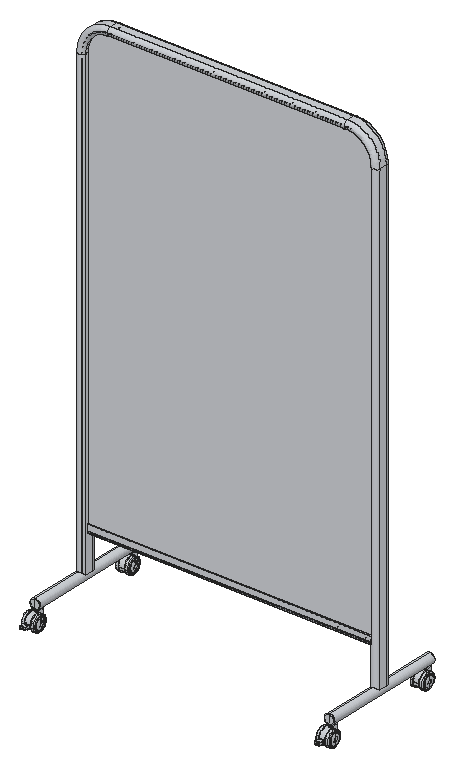
Revit family "Goal Fabric Pinboard", category Furniture, Revit 2016
Family settings
  OmniClass Number = 23.40.20.00
  OmniClass Title = General Furniture and Specialties
  Work Plane-Based = No
  Always vertical = Yes
  Cut with Voids When Loaded = No
  Shared = No
  Room Calculation Point = No
Parameters (values of type "Goal Fabric Pinboard")
  Width = 38 1/2"
  URL = "http://www.poppin.com"
  Manufacturer = "Poppin, Inc."
  Height = 67"
  Frame = none
  Description = "Goal Fabric Pinboard"
  Depth = 16"
  Copyright = "Copyright © Poppin, Inc."
  Casters = none
  Board = none
Reference planes (in)
  plane 1 "Center (Front/Back)": y = 0
  plane 2: z = 0
  plane 3 "Center (Left/Right)": x = 0
Forms (in)
  Extrusion 1, solid, material <- "Frame"
    sketch origin (0, 0, 0) x (1, 0, 0) y (0, 0, 1)
      loop
        line (-18.25, 62.66978) -> (-18.25, 8.91831) -> (18.25, 8.91831) -> (18.25, 62.77017)
        arc (18.25, 62.77017) -> (17.35814, 64.92331) -> (15.20501, 65.81517) r 3.04499
        line (15.20501, 65.81517) -> (-15.10461, 65.81517)
        arc (-15.10461, 65.81517) -> (-17.32874, 64.8939) -> (-18.25, 62.66978) r 3.14539
    from -0.31496 to 0.31496
  Sweep 2, solid, material <- "Frame"
    path origin (0, 0, 0) x (1, 0, 0) y (0, 0, 1)
      loop
        line (-19.17188, 3.12494) -> (-19.17188, 62.68267)
        arc (-19.17188, 62.68267) -> (-17.98566, 65.54645) -> (-15.12187, 66.73267) r 4.05
        line (-15.12187, 66.73267) -> (15.12187, 66.73267)
        arc (15.12187, 66.73267) -> (17.98566, 65.54645) -> (19.17188, 62.68267) r 4.05
        line (19.17188, 62.68267) -> (19.17188, 3.12494)
    profile origin (-19.17188, 0, 32.9038) x (-1, 0, 0) y (0, -1, 0)
      loop
        line (-0.92894, 0.5) -> (-0.92894, -0.5)
        arc (-0.92894, -0.5) -> (-0.425, -1.00394) -> (0.07894, -0.5) r 0.50394
        line (0.07894, -0.5) -> (0.07894, 0.5)
        arc (0.07894, 0.5) -> (-0.425, 1.00394) -> (-0.92894, 0.5) r 0.50394
  Sweep 3, solid, material <- "Frame"
    path origin (0, 0, 0) x (1, 0, 0) y (0, 0, 1)
      loop
        line (-18.92188, 3.12494) -> (-18.92188, 62.6805)
        arc (-18.92188, 62.6805) -> (-17.80825, 65.36904) -> (-15.11971, 66.48267) r 3.80217
        line (-15.11971, 66.48267) -> (15.12752, 66.48267)
        arc (15.12752, 66.48267) -> (17.81606, 65.36904) -> (18.92969, 62.6805) r 3.80217
        line (18.92969, 62.6805) -> (18.92969, 3.12494)
    profile origin (-18.92188, 0, 32.90272) x (-1, 0, 0) y (0, -1, 0)
      loop
        circle (-0.17717, -0.75) r 0.17717
      loop
        circle (-0.17717, 0.75) r 0.17717
  Extrusion 4, solid, material <- "Frame"
    sketch origin (0, 0, -3.25) x (0, 1, 0) y (0, 0, 1)
      loop
        line (-0.15781, 11.54522) -> (-0.33, 11.54522)
        arc (-0.33, 11.54522) -> (-0.34414, 11.53936) -> (-0.35, 11.52522) r 0.02
        line (-0.35, 11.52522) -> (-0.35, 11.36022)
        arc (-0.35, 11.36022) -> (0, 11.01022) -> (0.35, 11.36022) r 0.35
        line (0.35, 11.36022) -> (0.35, 11.52522)
        arc (0.35, 11.52522) -> (0.34414, 11.53936) -> (0.33, 11.54522) r 0.02
        line (0.33, 11.54522) -> (0.15781, 11.54522)
        arc (0.15781, 11.54522) -> (0.13953, 11.53286) -> (0.14421, 11.5113) r 0.01969
        arc (0.14421, 11.5113) -> (0.19202, 11.44238) -> (0.20886, 11.36022) r 0.20886
        arc (0.20886, 11.36022) -> (0.19186, 11.27769) -> (0.14364, 11.20859) r 0.20886
        arc (0.14364, 11.20859) -> (0.09341, 11.20995) -> (0.09476, 11.26018) r 0.03553
        arc (0.09476, 11.26018) -> (0.12658, 11.30577) -> (0.1378, 11.36022) r 0.1378
        arc (0.1378, 11.36022) -> (0, 11.49801) -> (-0.1378, 11.36022) r 0.1378
        arc (-0.1378, 11.36022) -> (-0.12658, 11.30577) -> (-0.09476, 11.26018) r 0.1378
        arc (-0.09476, 11.26018) -> (-0.09341, 11.20995) -> (-0.14364, 11.20859) r 0.03553
        arc (-0.14364, 11.20859) -> (-0.19186, 11.27769) -> (-0.20886, 11.36022) r 0.20886
        arc (-0.20886, 11.36022) -> (-0.19202, 11.44238) -> (-0.14421, 11.5113) r 0.20886
        arc (-0.14421, 11.5113) -> (-0.13953, 11.53286) -> (-0.15781, 11.54522) r 0.01969
    from 18.25 to -18.25
  Extrusion 5, solid, material <- "Frame"
    sketch origin (0, 0, -3.25) x (0, 1, 0) y (0, 0, 1)
      loop
        line (0.35, 12.16831) -> (0.35, 11.64022)
        arc (0.35, 11.64022) -> (0.34414, 11.62608) -> (0.33, 11.62022) r 0.02
        line (0.33, 11.62022) -> (-0.33, 11.62022)
        arc (-0.33, 11.62022) -> (-0.34414, 11.62608) -> (-0.35, 11.64022) r 0.02
        line (-0.35, 11.64022) -> (-0.35, 12.16831)
        arc (-0.35, 12.16831) -> (-0.40174, 12.15765) -> (-0.425, 12.11022) r 0.06
        line (-0.425, 12.11022) -> (-0.425, 11.36022)
        arc (-0.425, 11.36022) -> (0, 10.93522) -> (0.425, 11.36022) r 0.425
        line (0.425, 11.36022) -> (0.425, 12.11022)
        arc (0.425, 12.11022) -> (0.40174, 12.15765) -> (0.35, 12.16831) r 0.06
    from -18.25 to 18.25
  Extrusion 6, solid, material <- "Casters"
    sketch origin (0.84375, 0, 0) x (1, 0, 0) y (0, 0, 1)
      loop
        line (-19.3125, 2.62494) -> (-19.40256, 2.62494) -> (-19.40256, 3.19483) -> (-19.84744, 3.19483) -> (-19.84744, 2.62494) -> (-19.9375, 2.62494) -> (-19.9375, 2.33368)
        arc (-19.9375, 2.33368) -> (-19.625, 2.24994) -> (-19.3125, 2.33368) r 0.625
        line (-19.3125, 2.33368) -> (-19.3125, 2.62494)
    from 7.27756 to 7.72244
  Extrusion 7, solid, material <- "Casters"
    sketch origin (0.84375, 0, 0) x (0, 1, 0) y (0, 0, 1)
      loop
        line (-7.1875, 2.14494) -> (-7.1875, 2.19994)
        arc (-7.1875, 2.19994) -> (-7.20214, 2.2353) -> (-7.2375, 2.24994) r 0.05
        line (-7.2375, 2.24994) -> (-7.7625, 2.24994)
        arc (-7.7625, 2.24994) -> (-7.79786, 2.2353) -> (-7.8125, 2.19994) r 0.05
        line (-7.8125, 2.19994) -> (-7.8125, 2.14494)
        arc (-7.8125, 2.14494) -> (-7.79786, 2.10959) -> (-7.7625, 2.09494) r 0.05
        line (-7.7625, 2.09494) -> (-7.2375, 2.09494)
        arc (-7.2375, 2.09494) -> (-7.20214, 2.10959) -> (-7.1875, 2.14494) r 0.05
    from -19.93602 to -19.3125
  Revolve 8, solid, material <- "Frame"
    sketch origin (-18.78122, -0.41384, 1.99069) x (0, 1, 0) y (0, 0, -1)
      loop
        line (-7.58616, -0.88426) -> (-7.58616, -1.48091)
        arc (-7.58616, -1.48091) -> (-7.57787, -1.50093) -> (-7.55784, -1.50923) r 0.02832
        line (-7.55784, -1.50923) -> (8.38552, -1.50923)
        arc (8.38552, -1.50923) -> (8.4051, -1.50137) -> (8.41381, -1.48216) r 0.02832
        line (8.41381, -1.48216) -> (8.41381, -0.88426) -> (-7.58616, -0.88426)
      axis (-7.58616, -0.88426) -> (8.41381, -0.88426)
    angle from 0 to 360
  Revolve 9, solid, material <- "Casters"
    sketch origin (0.84375, -8.16988, 0) x (1, 0, 0) y (0, 0, 1)
      loop
        line (-20.42815, 1.77165) -> (-20.42815, 1.73112)
        arc (-20.42815, 1.73112) -> (-20.45691, 1.7192) -> (-20.46883, 1.69044) r 0.04068
        arc (-20.46883, 1.69044) -> (-20.50914, 1.46095) -> (-20.52264, 1.22834) r 2.01109
        line (-20.52264, 1.22834) -> (-20.52264, 0.98424) -> (-19.99508, 0.98424) -> (-19.99508, 1.77165) -> (-19.99508, 1.90436)
        arc (-19.99508, 1.90436) -> (-20.01212, 1.94763) -> (-20.05409, 1.96765) r 0.06344
        line (-20.05409, 1.96765) -> (-20.35345, 1.96765)
        arc (-20.35345, 1.96765) -> (-20.38912, 1.94926) -> (-20.40344, 1.91177) r 0.05623
        line (-20.40344, 1.91177) -> (-20.42815, 1.77165)
      loop
        line (-18.82185, 1.77165) -> (-18.84656, 1.91177)
        arc (-18.84656, 1.91177) -> (-18.86088, 1.94926) -> (-18.89655, 1.96765) r 0.05623
        line (-18.89655, 1.96765) -> (-19.19591, 1.96765)
        arc (-19.19591, 1.96765) -> (-19.23788, 1.94763) -> (-19.25492, 1.90436) r 0.06344
        line (-19.25492, 1.90436) -> (-19.25492, 1.77165) -> (-19.25492, 0.98424) -> (-18.72736, 0.98424) -> (-18.72736, 1.22834)
        arc (-18.72736, 1.22834) -> (-18.74086, 1.46095) -> (-18.78117, 1.69044) r 2.01109
        arc (-18.78117, 1.69044) -> (-18.79309, 1.7192) -> (-18.82185, 1.73112) r 0.04068
        line (-18.82185, 1.73112) -> (-18.82185, 1.77165)
      axis (-18.72736, 0.98424) -> (-20.52264, 0.98424)
    angle from 0 to 360
  Extrusion 10, solid, material <- "Casters"
    sketch origin (0.84375, 0, 0) x (0, 1, 0) y (0, 0, -1)
      loop
        line (-7.674, -2.09494) -> (-7.326, -2.09494) -> (-7.326, -0.93994) -> (-7.674, -0.93994) -> (-7.674, -2.09494)
    from 19.451 to 19.799
  Extrusion 11, solid, material <- "Casters"
    sketch origin (0.84375, 0, 0) x (0, 1, 0) y (0, 0, -1)
      loop
        arc (-7.68441, -0.82308) -> (-7.75635, -0.85069) -> (-7.78733, -0.92125) r 0.10007
        line (-7.78733, -0.92125) -> (-7.78733, -1.99677)
        arc (-7.78733, -1.99677) -> (-7.7584, -2.06532) -> (-7.69015, -2.09494) r 0.10007
        line (-7.69015, -2.09494) -> (-7.30985, -2.09494)
        arc (-7.30985, -2.09494) -> (-7.2416, -2.06532) -> (-7.21267, -1.99677) r 0.10007
        line (-7.21267, -1.99677) -> (-7.21267, -0.92125)
        arc (-7.21267, -0.92125) -> (-7.24365, -0.85069) -> (-7.31559, -0.82308) r 0.10007
        line (-7.31559, -0.82308) -> (-7.68441, -0.82308)
    from 19.29035 to 19.95965
  Extrusion 12, solid, material <- "Casters"
    sketch origin (-18.81625, -0.41384, 1.99069) x (0, 1, 0) y (0, 0, -1)
      loop
        line (-8.58459, 1.38012) -> (-8.68301, 1.38012)
        arc (-8.68301, 1.38012) -> (-8.73718, 1.19676) -> (-8.75545, 1.00644) r 1
        arc (-8.75545, 1.00644) -> (-7.75545, 0.00644) -> (-6.75545, 1.00644) r 1
        arc (-6.75545, 1.00644) -> (-6.77853, 1.22003) -> (-6.84669, 1.42377) r 1
        line (-6.84669, 1.42377) -> (-6.94741, 1.42377)
        arc (-6.94741, 1.42377) -> (-6.87172, 1.22118) -> (-6.846, 1.00644) r 0.90945
        arc (-6.846, 1.00644) -> (-7.75545, 0.09699) -> (-8.6649, 1.00644) r 0.90945
        arc (-8.6649, 1.00644) -> (-8.6446, 1.19755) -> (-8.58459, 1.38012) r 0.90945
    from -0.36965 to 0.29965
  Extrusion 13, solid, material <- "Casters"
    sketch origin (-18.81625, -0.41384, 1.99069) x (0, 1, 0) y (0, 0, -1)
      loop
        arc (-8.57337, 1.40408) -> (-8.59119, 1.36511) -> (-8.60716, 1.32534) r 0.90945
        line (-8.60716, 1.32534) -> (-6.90375, 1.32534)
        arc (-6.90375, 1.32534) -> (-6.91972, 1.36511) -> (-6.93754, 1.40408) r 0.90945
        line (-6.93754, 1.40408) -> (-8.57337, 1.40408)
    from -0.36965 to 0.29965
  Extrusion 14, solid, material <- "Casters"
    sketch origin (0.84375, 0, 0) x (1, 0, 0) y (0, 1, 0)
      loop
        arc (-19.37802, -10.01575) -> (-19.35018, -10.00422) -> (-19.33865, -9.97638) r 0.03937
        line (-19.33865, -9.97638) -> (-19.33865, -9.20866)
        arc (-19.33865, -9.20866) -> (-19.35018, -9.18082) -> (-19.37802, -9.16929) r 0.03937
        line (-19.37802, -9.16929) -> (-19.87106, -9.16929)
        arc (-19.87106, -9.16929) -> (-19.8989, -9.18082) -> (-19.91043, -9.20866) r 0.03937
        line (-19.91043, -9.20866) -> (-19.91043, -9.97638)
        arc (-19.91043, -9.97638) -> (-19.8989, -10.00422) -> (-19.87106, -10.01575) r 0.03937
        line (-19.87106, -10.01575) -> (-19.37802, -10.01575)
    from 0.85629 to 1.11285
  Extrusion 15, void
    sketch origin (-18.81625, -0.41384, 1.99069) x (0, -1, 0) y (0, 0, -1)
      loop
        line (9.60191, 0.87784) -> (9.60191, 1.1344) -> (9.46411, 1.1344)
        arc (9.46411, 1.1344) -> (9.59239, 1.00612) -> (9.46411, 0.87784) r 0.12828
        line (9.46411, 0.87784) -> (9.60191, 0.87784)
      loop
        line (8.75545, 0.87784) -> (8.89017, 0.87784)
        arc (8.89017, 0.87784) -> (8.76189, 1.00612) -> (8.89017, 1.1344) r 0.12828
        line (8.89017, 1.1344) -> (8.75545, 1.1344) -> (8.75545, 0.87784)
    from -0.25043 to 0.32135
  Extrusion 16, solid, material <- "Casters"
    sketch origin (-18.81625, -0.41384, 1.99069) x (0, 1, 0) y (0, 0, -1)
      loop
        circle (-7.75545, 1.00644) r 0.24803
    from -0.93264 to 0.86264
  Extrusion 17, solid, material <- "Casters"
    sketch origin (0.84375, 15, 0) x (1, 0, 0) y (0, 0, 1)
      loop
        line (-19.3125, 2.62494) -> (-19.40256, 2.62494) -> (-19.40256, 3.19483) -> (-19.84744, 3.19483) -> (-19.84744, 2.62494) -> (-19.9375, 2.62494) -> (-19.9375, 2.33368)
        arc (-19.9375, 2.33368) -> (-19.625, 2.24994) -> (-19.3125, 2.33368) r 0.625
        line (-19.3125, 2.33368) -> (-19.3125, 2.62494)
    from 7.27756 to 7.72244
  Extrusion 18, solid, material <- "Casters"
    sketch origin (0.84375, 15, 0) x (0, 1, 0) y (0, 0, 1)
      loop
        line (-7.1875, 2.14494) -> (-7.1875, 2.19994)
        arc (-7.1875, 2.19994) -> (-7.20214, 2.2353) -> (-7.2375, 2.24994) r 0.05
        line (-7.2375, 2.24994) -> (-7.7625, 2.24994)
        arc (-7.7625, 2.24994) -> (-7.79786, 2.2353) -> (-7.8125, 2.19994) r 0.05
        line (-7.8125, 2.19994) -> (-7.8125, 2.14494)
        arc (-7.8125, 2.14494) -> (-7.79786, 2.10959) -> (-7.7625, 2.09494) r 0.05
        line (-7.7625, 2.09494) -> (-7.2375, 2.09494)
        arc (-7.2375, 2.09494) -> (-7.20214, 2.10959) -> (-7.1875, 2.14494) r 0.05
    from -19.93602 to -19.3125
  Revolve 19, solid, material <- "Casters"
    sketch origin (0.84375, 6.83012, 0) x (1, 0, 0) y (0, 0, 1)
      loop
        line (-20.42815, 1.77165) -> (-20.42815, 1.73112)
        arc (-20.42815, 1.73112) -> (-20.45691, 1.7192) -> (-20.46883, 1.69044) r 0.04068
        arc (-20.46883, 1.69044) -> (-20.50914, 1.46095) -> (-20.52264, 1.22834) r 2.01109
        line (-20.52264, 1.22834) -> (-20.52264, 0.98424) -> (-19.99508, 0.98424) -> (-19.99508, 1.77165) -> (-19.99508, 1.90436)
        arc (-19.99508, 1.90436) -> (-20.01212, 1.94763) -> (-20.05409, 1.96765) r 0.06344
        line (-20.05409, 1.96765) -> (-20.35345, 1.96765)
        arc (-20.35345, 1.96765) -> (-20.38912, 1.94926) -> (-20.40344, 1.91177) r 0.05623
        line (-20.40344, 1.91177) -> (-20.42815, 1.77165)
      loop
        line (-18.82185, 1.77165) -> (-18.84656, 1.91177)
        arc (-18.84656, 1.91177) -> (-18.86088, 1.94926) -> (-18.89655, 1.96765) r 0.05623
        line (-18.89655, 1.96765) -> (-19.19591, 1.96765)
        arc (-19.19591, 1.96765) -> (-19.23788, 1.94763) -> (-19.25492, 1.90436) r 0.06344
        line (-19.25492, 1.90436) -> (-19.25492, 1.77165) -> (-19.25492, 0.98424) -> (-18.72736, 0.98424) -> (-18.72736, 1.22834)
        arc (-18.72736, 1.22834) -> (-18.74086, 1.46095) -> (-18.78117, 1.69044) r 2.01109
        arc (-18.78117, 1.69044) -> (-18.79309, 1.7192) -> (-18.82185, 1.73112) r 0.04068
        line (-18.82185, 1.73112) -> (-18.82185, 1.77165)
      axis (-18.72736, 0.98424) -> (-20.52264, 0.98424)
    angle from 0 to 360
  Extrusion 20, solid, material <- "Casters"
    sketch origin (0.84375, 15, 0) x (0, 1, 0) y (0, 0, -1)
      loop
        line (-7.674, -2.09494) -> (-7.326, -2.09494) -> (-7.326, -0.93994) -> (-7.674, -0.93994) -> (-7.674, -2.09494)
    from 19.451 to 19.799
  Extrusion 21, solid, material <- "Casters"
    sketch origin (0.84375, 15, 0) x (0, 1, 0) y (0, 0, -1)
      loop
        arc (-7.68441, -0.82308) -> (-7.75635, -0.85069) -> (-7.78733, -0.92125) r 0.10007
        line (-7.78733, -0.92125) -> (-7.78733, -1.99677)
        arc (-7.78733, -1.99677) -> (-7.7584, -2.06532) -> (-7.69015, -2.09494) r 0.10007
        line (-7.69015, -2.09494) -> (-7.30985, -2.09494)
        arc (-7.30985, -2.09494) -> (-7.2416, -2.06532) -> (-7.21267, -1.99677) r 0.10007
        line (-7.21267, -1.99677) -> (-7.21267, -0.92125)
        arc (-7.21267, -0.92125) -> (-7.24365, -0.85069) -> (-7.31559, -0.82308) r 0.10007
        line (-7.31559, -0.82308) -> (-7.68441, -0.82308)
    from 19.29035 to 19.95965
  Extrusion 22, solid, material <- "Casters"
    sketch origin (-18.81625, 14.58616, 1.99069) x (0, 1, 0) y (0, 0, -1)
      loop
        line (-8.58459, 1.38012) -> (-8.68301, 1.38012)
        arc (-8.68301, 1.38012) -> (-8.73718, 1.19676) -> (-8.75545, 1.00644) r 1
        arc (-8.75545, 1.00644) -> (-7.75545, 0.00644) -> (-6.75545, 1.00644) r 1
        arc (-6.75545, 1.00644) -> (-6.77853, 1.22003) -> (-6.84669, 1.42377) r 1
        line (-6.84669, 1.42377) -> (-6.94741, 1.42377)
        arc (-6.94741, 1.42377) -> (-6.87172, 1.22118) -> (-6.846, 1.00644) r 0.90945
        arc (-6.846, 1.00644) -> (-7.75545, 0.09699) -> (-8.6649, 1.00644) r 0.90945
        arc (-8.6649, 1.00644) -> (-8.6446, 1.19755) -> (-8.58459, 1.38012) r 0.90945
    from -0.36965 to 0.29965
  Extrusion 23, solid, material <- "Casters"
    sketch origin (-18.81625, 14.58616, 1.99069) x (0, 1, 0) y (0, 0, -1)
      loop
        arc (-8.57337, 1.40408) -> (-8.59119, 1.36511) -> (-8.60716, 1.32534) r 0.90945
        line (-8.60716, 1.32534) -> (-6.90375, 1.32534)
        arc (-6.90375, 1.32534) -> (-6.91972, 1.36511) -> (-6.93754, 1.40408) r 0.90945
        line (-6.93754, 1.40408) -> (-8.57337, 1.40408)
    from -0.36965 to 0.29965
  Extrusion 24, solid, material <- "Casters"
    sketch origin (-18.81625, 14.58616, 1.99069) x (0, 1, 0) y (0, 0, -1)
      loop
        circle (-7.75545, 1.00644) r 0.24803
    from -0.93264 to 0.86264
  Extrusion 25, solid, material <- "Frame"
    sketch origin (0.84375, 0, 0) x (1, 0, 0) y (0, 1, 0)
      loop
        line (-19.125, -0.35) -> (-19.125, 0.35) -> (-20.02096, 0.35) -> (-20.02096, -0.35) -> (-19.125, -0.35)
    from 3.24463 to 15.77711
  Extrusion 26, solid, material <- "Casters"
    sketch origin (-0.875, 0, 0) x (-1, 0, 0) y (0, 0, -1)
      loop
        line (-19.3125, -2.62494) -> (-19.3125, -2.33368)
        arc (-19.3125, -2.33368) -> (-19.625, -2.24994) -> (-19.9375, -2.33368) r 0.625
        line (-19.9375, -2.33368) -> (-19.9375, -2.62494) -> (-19.84744, -2.62494) -> (-19.84744, -3.19483) -> (-19.40256, -3.19483) -> (-19.40256, -2.62494) -> (-19.3125, -2.62494)
    from 7.27756 to 7.72244
  Extrusion 27, solid, material <- "Casters"
    sketch origin (-0.875, 0, 0) x (0, 1, 0) y (0, 0, -1)
      loop
        arc (-7.1875, -2.14494) -> (-7.20214, -2.10959) -> (-7.2375, -2.09494) r 0.05
        line (-7.2375, -2.09494) -> (-7.7625, -2.09494)
        arc (-7.7625, -2.09494) -> (-7.79786, -2.10959) -> (-7.8125, -2.14494) r 0.05
        line (-7.8125, -2.14494) -> (-7.8125, -2.19994)
        arc (-7.8125, -2.19994) -> (-7.79786, -2.2353) -> (-7.7625, -2.24994) r 0.05
        line (-7.7625, -2.24994) -> (-7.2375, -2.24994)
        arc (-7.2375, -2.24994) -> (-7.20214, -2.2353) -> (-7.1875, -2.19994) r 0.05
        line (-7.1875, -2.19994) -> (-7.1875, -2.14494)
    from -19.93602 to -19.3125
  Revolve 28, solid, material <- "Frame"
    sketch origin (18.74997, -0.41384, 1.99069) x (0, 1, 0) y (0, 0, 1)
      loop
        line (-7.58616, 0.88426) -> (8.41381, 0.88426) -> (8.41381, 1.48216)
        arc (8.41381, 1.48216) -> (8.4051, 1.50137) -> (8.38552, 1.50923) r 0.02832
        line (8.38552, 1.50923) -> (-7.55784, 1.50923)
        arc (-7.55784, 1.50923) -> (-7.57787, 1.50093) -> (-7.58616, 1.48091) r 0.02832
        line (-7.58616, 1.48091) -> (-7.58616, 0.88426)
      axis (-7.58616, 0.88426) -> (8.41381, 0.88426)
    angle from 0 to 360
  Revolve 29, solid, material <- "Casters"
    sketch origin (-0.875, -8.16988, 0) x (-1, 0, 0) y (0, 0, -1)
      loop
        line (-20.42815, -1.77165) -> (-20.40344, -1.91177)
        arc (-20.40344, -1.91177) -> (-20.38912, -1.94926) -> (-20.35345, -1.96765) r 0.05623
        line (-20.35345, -1.96765) -> (-20.05409, -1.96765)
        arc (-20.05409, -1.96765) -> (-20.01212, -1.94763) -> (-19.99508, -1.90436) r 0.06344
        line (-19.99508, -1.90436) -> (-19.99508, -1.77165) -> (-19.99508, -0.98424) -> (-20.52264, -0.98424) -> (-20.52264, -1.22834)
        arc (-20.52264, -1.22834) -> (-20.50914, -1.46095) -> (-20.46883, -1.69044) r 2.01109
        arc (-20.46883, -1.69044) -> (-20.45691, -1.7192) -> (-20.42815, -1.73112) r 0.04068
        line (-20.42815, -1.73112) -> (-20.42815, -1.77165)
      loop
        line (-18.82185, -1.77165) -> (-18.82185, -1.73112)
        arc (-18.82185, -1.73112) -> (-18.79309, -1.7192) -> (-18.78117, -1.69044) r 0.04068
        arc (-18.78117, -1.69044) -> (-18.74086, -1.46095) -> (-18.72736, -1.22834) r 2.01109
        line (-18.72736, -1.22834) -> (-18.72736, -0.98424) -> (-19.25492, -0.98424) -> (-19.25492, -1.77165) -> (-19.25492, -1.90436)
        arc (-19.25492, -1.90436) -> (-19.23788, -1.94763) -> (-19.19591, -1.96765) r 0.06344
        line (-19.19591, -1.96765) -> (-18.89655, -1.96765)
        arc (-18.89655, -1.96765) -> (-18.86088, -1.94926) -> (-18.84656, -1.91177) r 0.05623
        line (-18.84656, -1.91177) -> (-18.82185, -1.77165)
      axis (-18.72736, -0.98424) -> (-20.52264, -0.98424)
    angle from 0 to 360
  Extrusion 30, solid, material <- "Casters"
    sketch origin (-0.875, 0, 0) x (0, 1, 0) y (0, 0, 1)
      loop
        line (-7.674, 2.09494) -> (-7.674, 0.93994) -> (-7.326, 0.93994) -> (-7.326, 2.09494) -> (-7.674, 2.09494)
    from 19.451 to 19.799
  Extrusion 31, solid, material <- "Casters"
    sketch origin (-0.875, 0, 0) x (0, 1, 0) y (0, 0, 1)
      loop
        line (-7.68441, 0.82308) -> (-7.31559, 0.82308)
        arc (-7.31559, 0.82308) -> (-7.24365, 0.85069) -> (-7.21267, 0.92125) r 0.10007
        line (-7.21267, 0.92125) -> (-7.21267, 1.99677)
        arc (-7.21267, 1.99677) -> (-7.2416, 2.06532) -> (-7.30985, 2.09494) r 0.10007
        line (-7.30985, 2.09494) -> (-7.69015, 2.09494)
        arc (-7.69015, 2.09494) -> (-7.7584, 2.06532) -> (-7.78733, 1.99677) r 0.10007
        line (-7.78733, 1.99677) -> (-7.78733, 0.92125)
        arc (-7.78733, 0.92125) -> (-7.75635, 0.85069) -> (-7.68441, 0.82308) r 0.10007
    from 19.29035 to 19.95965
  Extrusion 32, solid, material <- "Casters"
    sketch origin (18.785, -0.41384, 1.99069) x (0, 1, 0) y (0, 0, 1)
      loop
        arc (-8.58459, -1.38012) -> (-8.6446, -1.19755) -> (-8.6649, -1.00644) r 0.90945
        arc (-8.6649, -1.00644) -> (-7.75545, -0.09699) -> (-6.846, -1.00644) r 0.90945
        arc (-6.846, -1.00644) -> (-6.87172, -1.22118) -> (-6.94741, -1.42377) r 0.90945
        line (-6.94741, -1.42377) -> (-6.84669, -1.42377)
        arc (-6.84669, -1.42377) -> (-6.77853, -1.22003) -> (-6.75545, -1.00644) r 1
        arc (-6.75545, -1.00644) -> (-7.75545, -0.00644) -> (-8.75545, -1.00644) r 1
        arc (-8.75545, -1.00644) -> (-8.73718, -1.19676) -> (-8.68301, -1.38012) r 1
        line (-8.68301, -1.38012) -> (-8.58459, -1.38012)
    from -0.36965 to 0.29965
  Extrusion 33, solid, material <- "Casters"
    sketch origin (18.785, -0.41384, 1.99069) x (0, 1, 0) y (0, 0, 1)
      loop
        line (-8.57337, -1.40408) -> (-6.93754, -1.40408)
        arc (-6.93754, -1.40408) -> (-6.91972, -1.36511) -> (-6.90375, -1.32534) r 0.90945
        line (-6.90375, -1.32534) -> (-8.60716, -1.32534)
        arc (-8.60716, -1.32534) -> (-8.59119, -1.36511) -> (-8.57337, -1.40408) r 0.90945
    from -0.36965 to 0.29965
  Extrusion 34, solid, material <- "Casters"
    sketch origin (-0.875, 0, 0) x (-1, 0, 0) y (0, -1, 0)
      loop
        line (-19.37802, 10.01575) -> (-19.87106, 10.01575)
        arc (-19.87106, 10.01575) -> (-19.8989, 10.00422) -> (-19.91043, 9.97638) r 0.03937
        line (-19.91043, 9.97638) -> (-19.91043, 9.20866)
        arc (-19.91043, 9.20866) -> (-19.8989, 9.18082) -> (-19.87106, 9.16929) r 0.03937
        line (-19.87106, 9.16929) -> (-19.37802, 9.16929)
        arc (-19.37802, 9.16929) -> (-19.35018, 9.18082) -> (-19.33865, 9.20866) r 0.03937
        line (-19.33865, 9.20866) -> (-19.33865, 9.97638)
        arc (-19.33865, 9.97638) -> (-19.35018, 10.00422) -> (-19.37802, 10.01575) r 0.03937
    from 0.85629 to 1.11285
  Extrusion 35, solid, material <- "Casters"
    sketch origin (18.785, -0.41384, 1.99069) x (0, 1, 0) y (0, 0, 1)
      loop
        circle (-7.75545, -1.00644) r 0.24803
    from -0.93264 to 0.86264
  Extrusion 36, solid, material <- "Casters"
    sketch origin (-0.875, 15, 0) x (-1, 0, 0) y (0, 0, -1)
      loop
        line (-19.3125, -2.62494) -> (-19.3125, -2.33368)
        arc (-19.3125, -2.33368) -> (-19.625, -2.24994) -> (-19.9375, -2.33368) r 0.625
        line (-19.9375, -2.33368) -> (-19.9375, -2.62494) -> (-19.84744, -2.62494) -> (-19.84744, -3.19483) -> (-19.40256, -3.19483) -> (-19.40256, -2.62494) -> (-19.3125, -2.62494)
    from 7.27756 to 7.72244
  Extrusion 37, solid, material <- "Casters"
    sketch origin (-0.875, 15, 0) x (0, 1, 0) y (0, 0, -1)
      loop
        arc (-7.1875, -2.14494) -> (-7.20214, -2.10959) -> (-7.2375, -2.09494) r 0.05
        line (-7.2375, -2.09494) -> (-7.7625, -2.09494)
        arc (-7.7625, -2.09494) -> (-7.79786, -2.10959) -> (-7.8125, -2.14494) r 0.05
        line (-7.8125, -2.14494) -> (-7.8125, -2.19994)
        arc (-7.8125, -2.19994) -> (-7.79786, -2.2353) -> (-7.7625, -2.24994) r 0.05
        line (-7.7625, -2.24994) -> (-7.2375, -2.24994)
        arc (-7.2375, -2.24994) -> (-7.20214, -2.2353) -> (-7.1875, -2.19994) r 0.05
        line (-7.1875, -2.19994) -> (-7.1875, -2.14494)
    from -19.93602 to -19.3125
  Revolve 38, solid, material <- "Casters"
    sketch origin (-0.875, 6.83012, 0) x (-1, 0, 0) y (0, 0, -1)
      loop
        line (-20.42815, -1.77165) -> (-20.40344, -1.91177)
        arc (-20.40344, -1.91177) -> (-20.38912, -1.94926) -> (-20.35345, -1.96765) r 0.05623
        line (-20.35345, -1.96765) -> (-20.05409, -1.96765)
        arc (-20.05409, -1.96765) -> (-20.01212, -1.94763) -> (-19.99508, -1.90436) r 0.06344
        line (-19.99508, -1.90436) -> (-19.99508, -1.77165) -> (-19.99508, -0.98424) -> (-20.52264, -0.98424) -> (-20.52264, -1.22834)
        arc (-20.52264, -1.22834) -> (-20.50914, -1.46095) -> (-20.46883, -1.69044) r 2.01109
        arc (-20.46883, -1.69044) -> (-20.45691, -1.7192) -> (-20.42815, -1.73112) r 0.04068
        line (-20.42815, -1.73112) -> (-20.42815, -1.77165)
      loop
        line (-18.82185, -1.77165) -> (-18.82185, -1.73112)
        arc (-18.82185, -1.73112) -> (-18.79309, -1.7192) -> (-18.78117, -1.69044) r 0.04068
        arc (-18.78117, -1.69044) -> (-18.74086, -1.46095) -> (-18.72736, -1.22834) r 2.01109
        line (-18.72736, -1.22834) -> (-18.72736, -0.98424) -> (-19.25492, -0.98424) -> (-19.25492, -1.77165) -> (-19.25492, -1.90436)
        arc (-19.25492, -1.90436) -> (-19.23788, -1.94763) -> (-19.19591, -1.96765) r 0.06344
        line (-19.19591, -1.96765) -> (-18.89655, -1.96765)
        arc (-18.89655, -1.96765) -> (-18.86088, -1.94926) -> (-18.84656, -1.91177) r 0.05623
        line (-18.84656, -1.91177) -> (-18.82185, -1.77165)
      axis (-18.72736, -0.98424) -> (-20.52264, -0.98424)
    angle from 0 to 360
  Extrusion 39, solid, material <- "Casters"
    sketch origin (-0.875, 15, 0) x (0, 1, 0) y (0, 0, 1)
      loop
        line (-7.674, 2.09494) -> (-7.674, 0.93994) -> (-7.326, 0.93994) -> (-7.326, 2.09494) -> (-7.674, 2.09494)
    from 19.451 to 19.799
  Extrusion 40, solid, material <- "Casters"
    sketch origin (-0.875, 15, 0) x (0, 1, 0) y (0, 0, 1)
      loop
        line (-7.68441, 0.82308) -> (-7.31559, 0.82308)
        arc (-7.31559, 0.82308) -> (-7.24365, 0.85069) -> (-7.21267, 0.92125) r 0.10007
        line (-7.21267, 0.92125) -> (-7.21267, 1.99677)
        arc (-7.21267, 1.99677) -> (-7.2416, 2.06532) -> (-7.30985, 2.09494) r 0.10007
        line (-7.30985, 2.09494) -> (-7.69015, 2.09494)
        arc (-7.69015, 2.09494) -> (-7.7584, 2.06532) -> (-7.78733, 1.99677) r 0.10007
        line (-7.78733, 1.99677) -> (-7.78733, 0.92125)
        arc (-7.78733, 0.92125) -> (-7.75635, 0.85069) -> (-7.68441, 0.82308) r 0.10007
    from 19.29035 to 19.95965
  Extrusion 41, solid, material <- "Casters"
    sketch origin (18.785, 14.58616, 1.99069) x (0, 1, 0) y (0, 0, 1)
      loop
        arc (-8.58459, -1.38012) -> (-8.6446, -1.19755) -> (-8.6649, -1.00644) r 0.90945
        arc (-8.6649, -1.00644) -> (-7.75545, -0.09699) -> (-6.846, -1.00644) r 0.90945
        arc (-6.846, -1.00644) -> (-6.87172, -1.22118) -> (-6.94741, -1.42377) r 0.90945
        line (-6.94741, -1.42377) -> (-6.84669, -1.42377)
        arc (-6.84669, -1.42377) -> (-6.77853, -1.22003) -> (-6.75545, -1.00644) r 1
        arc (-6.75545, -1.00644) -> (-7.75545, -0.00644) -> (-8.75545, -1.00644) r 1
        arc (-8.75545, -1.00644) -> (-8.73718, -1.19676) -> (-8.68301, -1.38012) r 1
        line (-8.68301, -1.38012) -> (-8.58459, -1.38012)
    from -0.36965 to 0.29965
  Extrusion 42, solid, material <- "Casters"
    sketch origin (18.785, 14.58616, 1.99069) x (0, 1, 0) y (0, 0, 1)
      loop
        line (-8.57337, -1.40408) -> (-6.93754, -1.40408)
        arc (-6.93754, -1.40408) -> (-6.91972, -1.36511) -> (-6.90375, -1.32534) r 0.90945
        line (-6.90375, -1.32534) -> (-8.60716, -1.32534)
        arc (-8.60716, -1.32534) -> (-8.59119, -1.36511) -> (-8.57337, -1.40408) r 0.90945
    from -0.36965 to 0.29965
  Extrusion 43, solid, material <- "Casters"
    sketch origin (18.785, 14.58616, 1.99069) x (0, 1, 0) y (0, 0, 1)
      loop
        circle (-7.75545, -1.00644) r 0.24803
    from -0.93264 to 0.86264
  Extrusion 44, solid, material <- "Frame"
    sketch origin (-0.875, 0, 0) x (-1, 0, 0) y (0, -1, 0)
      loop
        line (-19.125, 0.35) -> (-20.02096, 0.35) -> (-20.02096, -0.35) -> (-19.125, -0.35) -> (-19.125, 0.35)
    from 3.24463 to 15.77711
  Extrusion 45, void
    sketch origin (19.62875, -0.41384, 1.99069) x (0, -1, 0) y (0, 0, 1)
      loop
        line (9.60191, -0.87784) -> (9.46411, -0.87784)
        arc (9.46411, -0.87784) -> (9.59239, -1.00612) -> (9.46411, -1.1344) r 0.12828
        line (9.46411, -1.1344) -> (9.60191, -1.1344) -> (9.60191, -0.87784)
      loop
        line (8.75545, -0.87784) -> (8.75545, -1.1344) -> (8.89017, -1.1344)
        arc (8.89017, -1.1344) -> (8.76189, -1.00612) -> (8.89017, -0.87784) r 0.12828
        line (8.89017, -0.87784) -> (8.75545, -0.87784)
    from 0.56625 to 1.1651
  Extrusion 46, solid, material <- "Casters", not visible
    sketch origin (0.84375, 0, 0) x (1, 0, 0) y (0, 0, 1)
      loop
        line (-19.3125, 2.62494) -> (-19.40256, 2.62494) -> (-19.40256, 3.19483) -> (-19.84744, 3.19483) -> (-19.84744, 2.62494) -> (-19.9375, 2.62494) -> (-19.9375, 2.33368)
        arc (-19.9375, 2.33368) -> (-19.625, 2.24994) -> (-19.3125, 2.33368) r 0.625
        line (-19.3125, 2.33368) -> (-19.3125, 2.62494)
    from 7.27756 to 7.72244
  Extrusion 47, solid, material <- "Casters", not visible
    sketch origin (0.84375, 0, 0) x (0, 1, 0) y (0, 0, 1)
      loop
        line (-7.1875, 2.14494) -> (-7.1875, 2.19994)
        arc (-7.1875, 2.19994) -> (-7.20214, 2.2353) -> (-7.2375, 2.24994) r 0.05
        line (-7.2375, 2.24994) -> (-7.7625, 2.24994)
        arc (-7.7625, 2.24994) -> (-7.79786, 2.2353) -> (-7.8125, 2.19994) r 0.05
        line (-7.8125, 2.19994) -> (-7.8125, 2.14494)
        arc (-7.8125, 2.14494) -> (-7.79786, 2.10959) -> (-7.7625, 2.09494) r 0.05
        line (-7.7625, 2.09494) -> (-7.2375, 2.09494)
        arc (-7.2375, 2.09494) -> (-7.20214, 2.10959) -> (-7.1875, 2.14494) r 0.05
    from -19.93602 to -19.3125
  Revolve 48, solid, material <- "Casters", not visible
    sketch origin (0.84375, -8.16988, 0) x (1, 0, 0) y (0, 0, 1)
      loop
        line (-20.42815, 1.77165) -> (-20.42815, 1.73112)
        arc (-20.42815, 1.73112) -> (-20.45691, 1.7192) -> (-20.46883, 1.69044) r 0.04068
        arc (-20.46883, 1.69044) -> (-20.50914, 1.46095) -> (-20.52264, 1.22834) r 2.01109
        line (-20.52264, 1.22834) -> (-20.52264, 0.98424) -> (-19.99508, 0.98424) -> (-19.99508, 1.77165) -> (-19.99508, 1.90436)
        arc (-19.99508, 1.90436) -> (-20.01212, 1.94763) -> (-20.05409, 1.96765) r 0.06344
        line (-20.05409, 1.96765) -> (-20.35345, 1.96765)
        arc (-20.35345, 1.96765) -> (-20.38912, 1.94926) -> (-20.40344, 1.91177) r 0.05623
        line (-20.40344, 1.91177) -> (-20.42815, 1.77165)
      loop
        line (-18.82185, 1.77165) -> (-18.84656, 1.91177)
        arc (-18.84656, 1.91177) -> (-18.86088, 1.94926) -> (-18.89655, 1.96765) r 0.05623
        line (-18.89655, 1.96765) -> (-19.19591, 1.96765)
        arc (-19.19591, 1.96765) -> (-19.23788, 1.94763) -> (-19.25492, 1.90436) r 0.06344
        line (-19.25492, 1.90436) -> (-19.25492, 1.77165) -> (-19.25492, 0.98424) -> (-18.72736, 0.98424) -> (-18.72736, 1.22834)
        arc (-18.72736, 1.22834) -> (-18.74086, 1.46095) -> (-18.78117, 1.69044) r 2.01109
        arc (-18.78117, 1.69044) -> (-18.79309, 1.7192) -> (-18.82185, 1.73112) r 0.04068
        line (-18.82185, 1.73112) -> (-18.82185, 1.77165)
      axis (-18.72736, 0.98424) -> (-20.52264, 0.98424)
    angle from 0 to 360
  Extrusion 49, solid, material <- "Casters", not visible
    sketch origin (0.84375, 0, 0) x (0, 1, 0) y (0, 0, -1)
      loop
        line (-7.674, -2.09494) -> (-7.326, -2.09494) -> (-7.326, -0.93994) -> (-7.674, -0.93994) -> (-7.674, -2.09494)
    from 19.451 to 19.799
  Extrusion 50, solid, material <- "Casters", not visible
    sketch origin (0.84375, 0, 0) x (0, 1, 0) y (0, 0, -1)
      loop
        arc (-7.68441, -0.82308) -> (-7.75635, -0.85069) -> (-7.78733, -0.92125) r 0.10007
        line (-7.78733, -0.92125) -> (-7.78733, -1.99677)
        arc (-7.78733, -1.99677) -> (-7.7584, -2.06532) -> (-7.69015, -2.09494) r 0.10007
        line (-7.69015, -2.09494) -> (-7.30985, -2.09494)
        arc (-7.30985, -2.09494) -> (-7.2416, -2.06532) -> (-7.21267, -1.99677) r 0.10007
        line (-7.21267, -1.99677) -> (-7.21267, -0.92125)
        arc (-7.21267, -0.92125) -> (-7.24365, -0.85069) -> (-7.31559, -0.82308) r 0.10007
        line (-7.31559, -0.82308) -> (-7.68441, -0.82308)
    from 19.29035 to 19.95965
  Extrusion 51, solid, material <- "Casters", not visible
    sketch origin (-18.81625, -0.41384, 1.99069) x (0, 1, 0) y (0, 0, -1)
      loop
        line (-8.58459, 1.38012) -> (-8.68301, 1.38012)
        arc (-8.68301, 1.38012) -> (-8.73718, 1.19676) -> (-8.75545, 1.00644) r 1
        arc (-8.75545, 1.00644) -> (-7.75545, 0.00644) -> (-6.75545, 1.00644) r 1
        arc (-6.75545, 1.00644) -> (-6.77853, 1.22003) -> (-6.84669, 1.42377) r 1
        line (-6.84669, 1.42377) -> (-6.94741, 1.42377)
        arc (-6.94741, 1.42377) -> (-6.87172, 1.22118) -> (-6.846, 1.00644) r 0.90945
        arc (-6.846, 1.00644) -> (-7.75545, 0.09699) -> (-8.6649, 1.00644) r 0.90945
        arc (-8.6649, 1.00644) -> (-8.6446, 1.19755) -> (-8.58459, 1.38012) r 0.90945
    from -0.36965 to 0.29965
  Extrusion 52, solid, material <- "Casters", not visible
    sketch origin (-18.81625, -0.41384, 1.99069) x (0, 1, 0) y (0, 0, -1)
      loop
        arc (-8.57337, 1.40408) -> (-8.59119, 1.36511) -> (-8.60716, 1.32534) r 0.90945
        line (-8.60716, 1.32534) -> (-6.90375, 1.32534)
        arc (-6.90375, 1.32534) -> (-6.91972, 1.36511) -> (-6.93754, 1.40408) r 0.90945
        line (-6.93754, 1.40408) -> (-8.57337, 1.40408)
    from -0.36965 to 0.29965
  Extrusion 53, solid, material <- "Casters", not visible
    sketch origin (0.84375, 0, 0) x (1, 0, 0) y (0, 1, 0)
      loop
        arc (-19.37802, -10.01575) -> (-19.35018, -10.00422) -> (-19.33865, -9.97638) r 0.03937
        line (-19.33865, -9.97638) -> (-19.33865, -9.20866)
        arc (-19.33865, -9.20866) -> (-19.35018, -9.18082) -> (-19.37802, -9.16929) r 0.03937
        line (-19.37802, -9.16929) -> (-19.87106, -9.16929)
        arc (-19.87106, -9.16929) -> (-19.8989, -9.18082) -> (-19.91043, -9.20866) r 0.03937
        line (-19.91043, -9.20866) -> (-19.91043, -9.97638)
        arc (-19.91043, -9.97638) -> (-19.8989, -10.00422) -> (-19.87106, -10.01575) r 0.03937
        line (-19.87106, -10.01575) -> (-19.37802, -10.01575)
    from 0.85629 to 1.11285
  Extrusion 54, solid, material <- "Casters", not visible
    sketch origin (-18.81625, -0.41384, 1.99069) x (0, 1, 0) y (0, 0, -1)
      loop
        circle (-7.75545, 1.00644) r 0.24803
    from -0.93264 to 0.86264
  Extrusion 55, solid, material <- "Casters", not visible
    sketch origin (0.84375, 15, 0) x (1, 0, 0) y (0, 0, 1)
      loop
        line (-19.3125, 2.62494) -> (-19.40256, 2.62494) -> (-19.40256, 3.19483) -> (-19.84744, 3.19483) -> (-19.84744, 2.62494) -> (-19.9375, 2.62494) -> (-19.9375, 2.33368)
        arc (-19.9375, 2.33368) -> (-19.625, 2.24994) -> (-19.3125, 2.33368) r 0.625
        line (-19.3125, 2.33368) -> (-19.3125, 2.62494)
    from 7.27756 to 7.72244
  Extrusion 56, solid, material <- "Casters", not visible
    sketch origin (0.84375, 15, 0) x (0, 1, 0) y (0, 0, 1)
      loop
        line (-7.1875, 2.14494) -> (-7.1875, 2.19994)
        arc (-7.1875, 2.19994) -> (-7.20214, 2.2353) -> (-7.2375, 2.24994) r 0.05
        line (-7.2375, 2.24994) -> (-7.7625, 2.24994)
        arc (-7.7625, 2.24994) -> (-7.79786, 2.2353) -> (-7.8125, 2.19994) r 0.05
        line (-7.8125, 2.19994) -> (-7.8125, 2.14494)
        arc (-7.8125, 2.14494) -> (-7.79786, 2.10959) -> (-7.7625, 2.09494) r 0.05
        line (-7.7625, 2.09494) -> (-7.2375, 2.09494)
        arc (-7.2375, 2.09494) -> (-7.20214, 2.10959) -> (-7.1875, 2.14494) r 0.05
    from -19.93602 to -19.3125
  Revolve 57, solid, material <- "Casters", not visible
    sketch origin (0.84375, 6.83012, 0) x (1, 0, 0) y (0, 0, 1)
      loop
        line (-20.42815, 1.77165) -> (-20.42815, 1.73112)
        arc (-20.42815, 1.73112) -> (-20.45691, 1.7192) -> (-20.46883, 1.69044) r 0.04068
        arc (-20.46883, 1.69044) -> (-20.50914, 1.46095) -> (-20.52264, 1.22834) r 2.01109
        line (-20.52264, 1.22834) -> (-20.52264, 0.98424) -> (-19.99508, 0.98424) -> (-19.99508, 1.77165) -> (-19.99508, 1.90436)
        arc (-19.99508, 1.90436) -> (-20.01212, 1.94763) -> (-20.05409, 1.96765) r 0.06344
        line (-20.05409, 1.96765) -> (-20.35345, 1.96765)
        arc (-20.35345, 1.96765) -> (-20.38912, 1.94926) -> (-20.40344, 1.91177) r 0.05623
        line (-20.40344, 1.91177) -> (-20.42815, 1.77165)
      loop
        line (-18.82185, 1.77165) -> (-18.84656, 1.91177)
        arc (-18.84656, 1.91177) -> (-18.86088, 1.94926) -> (-18.89655, 1.96765) r 0.05623
        line (-18.89655, 1.96765) -> (-19.19591, 1.96765)
        arc (-19.19591, 1.96765) -> (-19.23788, 1.94763) -> (-19.25492, 1.90436) r 0.06344
        line (-19.25492, 1.90436) -> (-19.25492, 1.77165) -> (-19.25492, 0.98424) -> (-18.72736, 0.98424) -> (-18.72736, 1.22834)
        arc (-18.72736, 1.22834) -> (-18.74086, 1.46095) -> (-18.78117, 1.69044) r 2.01109
        arc (-18.78117, 1.69044) -> (-18.79309, 1.7192) -> (-18.82185, 1.73112) r 0.04068
        line (-18.82185, 1.73112) -> (-18.82185, 1.77165)
      axis (-18.72736, 0.98424) -> (-20.52264, 0.98424)
    angle from 0 to 360
  Extrusion 58, solid, material <- "Casters", not visible
    sketch origin (0.84375, 15, 0) x (0, 1, 0) y (0, 0, -1)
      loop
        line (-7.674, -2.09494) -> (-7.326, -2.09494) -> (-7.326, -0.93994) -> (-7.674, -0.93994) -> (-7.674, -2.09494)
    from 19.451 to 19.799
  Extrusion 59, solid, material <- "Casters", not visible
    sketch origin (0.84375, 15, 0) x (0, 1, 0) y (0, 0, -1)
      loop
        arc (-7.68441, -0.82308) -> (-7.75635, -0.85069) -> (-7.78733, -0.92125) r 0.10007
        line (-7.78733, -0.92125) -> (-7.78733, -1.99677)
        arc (-7.78733, -1.99677) -> (-7.7584, -2.06532) -> (-7.69015, -2.09494) r 0.10007
        line (-7.69015, -2.09494) -> (-7.30985, -2.09494)
        arc (-7.30985, -2.09494) -> (-7.2416, -2.06532) -> (-7.21267, -1.99677) r 0.10007
        line (-7.21267, -1.99677) -> (-7.21267, -0.92125)
        arc (-7.21267, -0.92125) -> (-7.24365, -0.85069) -> (-7.31559, -0.82308) r 0.10007
        line (-7.31559, -0.82308) -> (-7.68441, -0.82308)
    from 19.29035 to 19.95965
  Extrusion 60, solid, material <- "Casters", not visible
    sketch origin (-18.81625, 14.58616, 1.99069) x (0, 1, 0) y (0, 0, -1)
      loop
        line (-8.58459, 1.38012) -> (-8.68301, 1.38012)
        arc (-8.68301, 1.38012) -> (-8.73718, 1.19676) -> (-8.75545, 1.00644) r 1
        arc (-8.75545, 1.00644) -> (-7.75545, 0.00644) -> (-6.75545, 1.00644) r 1
        arc (-6.75545, 1.00644) -> (-6.77853, 1.22003) -> (-6.84669, 1.42377) r 1
        line (-6.84669, 1.42377) -> (-6.94741, 1.42377)
        arc (-6.94741, 1.42377) -> (-6.87172, 1.22118) -> (-6.846, 1.00644) r 0.90945
        arc (-6.846, 1.00644) -> (-7.75545, 0.09699) -> (-8.6649, 1.00644) r 0.90945
        arc (-8.6649, 1.00644) -> (-8.6446, 1.19755) -> (-8.58459, 1.38012) r 0.90945
    from -0.36965 to 0.29965
  Extrusion 61, solid, material <- "Casters", not visible
    sketch origin (-18.81625, 14.58616, 1.99069) x (0, 1, 0) y (0, 0, -1)
      loop
        arc (-8.57337, 1.40408) -> (-8.59119, 1.36511) -> (-8.60716, 1.32534) r 0.90945
        line (-8.60716, 1.32534) -> (-6.90375, 1.32534)
        arc (-6.90375, 1.32534) -> (-6.91972, 1.36511) -> (-6.93754, 1.40408) r 0.90945
        line (-6.93754, 1.40408) -> (-8.57337, 1.40408)
    from -0.36965 to 0.29965
  Extrusion 62, solid, material <- "Casters", not visible
    sketch origin (-18.81625, 14.58616, 1.99069) x (0, 1, 0) y (0, 0, -1)
      loop
        circle (-7.75545, 1.00644) r 0.24803
    from -0.93264 to 0.86264
  Extrusion 63, solid, material <- "Casters", not visible
    sketch origin (-0.875, 0, 0) x (-1, 0, 0) y (0, 0, -1)
      loop
        line (-19.3125, -2.62494) -> (-19.3125, -2.33368)
        arc (-19.3125, -2.33368) -> (-19.625, -2.24994) -> (-19.9375, -2.33368) r 0.625
        line (-19.9375, -2.33368) -> (-19.9375, -2.62494) -> (-19.84744, -2.62494) -> (-19.84744, -3.19483) -> (-19.40256, -3.19483) -> (-19.40256, -2.62494) -> (-19.3125, -2.62494)
    from 7.27756 to 7.72244
  Extrusion 64, solid, material <- "Casters", not visible
    sketch origin (-0.875, 0, 0) x (0, 1, 0) y (0, 0, -1)
      loop
        arc (-7.1875, -2.14494) -> (-7.20214, -2.10959) -> (-7.2375, -2.09494) r 0.05
        line (-7.2375, -2.09494) -> (-7.7625, -2.09494)
        arc (-7.7625, -2.09494) -> (-7.79786, -2.10959) -> (-7.8125, -2.14494) r 0.05
        line (-7.8125, -2.14494) -> (-7.8125, -2.19994)
        arc (-7.8125, -2.19994) -> (-7.79786, -2.2353) -> (-7.7625, -2.24994) r 0.05
        line (-7.7625, -2.24994) -> (-7.2375, -2.24994)
        arc (-7.2375, -2.24994) -> (-7.20214, -2.2353) -> (-7.1875, -2.19994) r 0.05
        line (-7.1875, -2.19994) -> (-7.1875, -2.14494)
    from -19.93602 to -19.3125
  Revolve 65, solid, material <- "Casters", not visible
    sketch origin (-0.875, -8.16988, 0) x (-1, 0, 0) y (0, 0, -1)
      loop
        line (-20.42815, -1.77165) -> (-20.40344, -1.91177)
        arc (-20.40344, -1.91177) -> (-20.38912, -1.94926) -> (-20.35345, -1.96765) r 0.05623
        line (-20.35345, -1.96765) -> (-20.05409, -1.96765)
        arc (-20.05409, -1.96765) -> (-20.01212, -1.94763) -> (-19.99508, -1.90436) r 0.06344
        line (-19.99508, -1.90436) -> (-19.99508, -1.77165) -> (-19.99508, -0.98424) -> (-20.52264, -0.98424) -> (-20.52264, -1.22834)
        arc (-20.52264, -1.22834) -> (-20.50914, -1.46095) -> (-20.46883, -1.69044) r 2.01109
        arc (-20.46883, -1.69044) -> (-20.45691, -1.7192) -> (-20.42815, -1.73112) r 0.04068
        line (-20.42815, -1.73112) -> (-20.42815, -1.77165)
      loop
        line (-18.82185, -1.77165) -> (-18.82185, -1.73112)
        arc (-18.82185, -1.73112) -> (-18.79309, -1.7192) -> (-18.78117, -1.69044) r 0.04068
        arc (-18.78117, -1.69044) -> (-18.74086, -1.46095) -> (-18.72736, -1.22834) r 2.01109
        line (-18.72736, -1.22834) -> (-18.72736, -0.98424) -> (-19.25492, -0.98424) -> (-19.25492, -1.77165) -> (-19.25492, -1.90436)
        arc (-19.25492, -1.90436) -> (-19.23788, -1.94763) -> (-19.19591, -1.96765) r 0.06344
        line (-19.19591, -1.96765) -> (-18.89655, -1.96765)
        arc (-18.89655, -1.96765) -> (-18.86088, -1.94926) -> (-18.84656, -1.91177) r 0.05623
        line (-18.84656, -1.91177) -> (-18.82185, -1.77165)
      axis (-18.72736, -0.98424) -> (-20.52264, -0.98424)
    angle from 0 to 360
  Extrusion 66, solid, material <- "Casters", not visible
    sketch origin (-0.875, 0, 0) x (0, 1, 0) y (0, 0, 1)
      loop
        line (-7.674, 2.09494) -> (-7.674, 0.93994) -> (-7.326, 0.93994) -> (-7.326, 2.09494) -> (-7.674, 2.09494)
    from 19.451 to 19.799
  Extrusion 67, solid, material <- "Casters", not visible
    sketch origin (-0.875, 0, 0) x (0, 1, 0) y (0, 0, 1)
      loop
        line (-7.68441, 0.82308) -> (-7.31559, 0.82308)
        arc (-7.31559, 0.82308) -> (-7.24365, 0.85069) -> (-7.21267, 0.92125) r 0.10007
        line (-7.21267, 0.92125) -> (-7.21267, 1.99677)
        arc (-7.21267, 1.99677) -> (-7.2416, 2.06532) -> (-7.30985, 2.09494) r 0.10007
        line (-7.30985, 2.09494) -> (-7.69015, 2.09494)
        arc (-7.69015, 2.09494) -> (-7.7584, 2.06532) -> (-7.78733, 1.99677) r 0.10007
        line (-7.78733, 1.99677) -> (-7.78733, 0.92125)
        arc (-7.78733, 0.92125) -> (-7.75635, 0.85069) -> (-7.68441, 0.82308) r 0.10007
    from 19.29035 to 19.95965
  Extrusion 68, solid, material <- "Casters", not visible
    sketch origin (18.785, -0.41384, 1.99069) x (0, 1, 0) y (0, 0, 1)
      loop
        arc (-8.58459, -1.38012) -> (-8.6446, -1.19755) -> (-8.6649, -1.00644) r 0.90945
        arc (-8.6649, -1.00644) -> (-7.75545, -0.09699) -> (-6.846, -1.00644) r 0.90945
        arc (-6.846, -1.00644) -> (-6.87172, -1.22118) -> (-6.94741, -1.42377) r 0.90945
        line (-6.94741, -1.42377) -> (-6.84669, -1.42377)
        arc (-6.84669, -1.42377) -> (-6.77853, -1.22003) -> (-6.75545, -1.00644) r 1
        arc (-6.75545, -1.00644) -> (-7.75545, -0.00644) -> (-8.75545, -1.00644) r 1
        arc (-8.75545, -1.00644) -> (-8.73718, -1.19676) -> (-8.68301, -1.38012) r 1
        line (-8.68301, -1.38012) -> (-8.58459, -1.38012)
    from -0.36965 to 0.29965
  Extrusion 69, solid, material <- "Casters", not visible
    sketch origin (18.785, -0.41384, 1.99069) x (0, 1, 0) y (0, 0, 1)
      loop
        line (-8.57337, -1.40408) -> (-6.93754, -1.40408)
        arc (-6.93754, -1.40408) -> (-6.91972, -1.36511) -> (-6.90375, -1.32534) r 0.90945
        line (-6.90375, -1.32534) -> (-8.60716, -1.32534)
        arc (-8.60716, -1.32534) -> (-8.59119, -1.36511) -> (-8.57337, -1.40408) r 0.90945
    from -0.36965 to 0.29965
  Extrusion 70, solid, material <- "Casters", not visible
    sketch origin (-0.875, 0, 0) x (-1, 0, 0) y (0, -1, 0)
      loop
        line (-19.37802, 10.01575) -> (-19.87106, 10.01575)
        arc (-19.87106, 10.01575) -> (-19.8989, 10.00422) -> (-19.91043, 9.97638) r 0.03937
        line (-19.91043, 9.97638) -> (-19.91043, 9.20866)
        arc (-19.91043, 9.20866) -> (-19.8989, 9.18082) -> (-19.87106, 9.16929) r 0.03937
        line (-19.87106, 9.16929) -> (-19.37802, 9.16929)
        arc (-19.37802, 9.16929) -> (-19.35018, 9.18082) -> (-19.33865, 9.20866) r 0.03937
        line (-19.33865, 9.20866) -> (-19.33865, 9.97638)
        arc (-19.33865, 9.97638) -> (-19.35018, 10.00422) -> (-19.37802, 10.01575) r 0.03937
    from 0.85629 to 1.11285
  Extrusion 71, solid, material <- "Casters", not visible
    sketch origin (18.785, -0.41384, 1.99069) x (0, 1, 0) y (0, 0, 1)
      loop
        circle (-7.75545, -1.00644) r 0.24803
    from -0.93264 to 0.86264
  Extrusion 72, solid, material <- "Casters", not visible
    sketch origin (-0.875, 15, 0) x (-1, 0, 0) y (0, 0, -1)
      loop
        line (-19.3125, -2.62494) -> (-19.3125, -2.33368)
        arc (-19.3125, -2.33368) -> (-19.625, -2.24994) -> (-19.9375, -2.33368) r 0.625
        line (-19.9375, -2.33368) -> (-19.9375, -2.62494) -> (-19.84744, -2.62494) -> (-19.84744, -3.19483) -> (-19.40256, -3.19483) -> (-19.40256, -2.62494) -> (-19.3125, -2.62494)
    from 7.27756 to 7.72244
  Extrusion 73, solid, material <- "Casters", not visible
    sketch origin (-0.875, 15, 0) x (0, 1, 0) y (0, 0, -1)
      loop
        arc (-7.1875, -2.14494) -> (-7.20214, -2.10959) -> (-7.2375, -2.09494) r 0.05
        line (-7.2375, -2.09494) -> (-7.7625, -2.09494)
        arc (-7.7625, -2.09494) -> (-7.79786, -2.10959) -> (-7.8125, -2.14494) r 0.05
        line (-7.8125, -2.14494) -> (-7.8125, -2.19994)
        arc (-7.8125, -2.19994) -> (-7.79786, -2.2353) -> (-7.7625, -2.24994) r 0.05
        line (-7.7625, -2.24994) -> (-7.2375, -2.24994)
        arc (-7.2375, -2.24994) -> (-7.20214, -2.2353) -> (-7.1875, -2.19994) r 0.05
        line (-7.1875, -2.19994) -> (-7.1875, -2.14494)
    from -19.93602 to -19.3125
  Revolve 74, solid, material <- "Casters", not visible
    sketch origin (-0.875, 6.83012, 0) x (-1, 0, 0) y (0, 0, -1)
      loop
        line (-20.42815, -1.77165) -> (-20.40344, -1.91177)
        arc (-20.40344, -1.91177) -> (-20.38912, -1.94926) -> (-20.35345, -1.96765) r 0.05623
        line (-20.35345, -1.96765) -> (-20.05409, -1.96765)
        arc (-20.05409, -1.96765) -> (-20.01212, -1.94763) -> (-19.99508, -1.90436) r 0.06344
        line (-19.99508, -1.90436) -> (-19.99508, -1.77165) -> (-19.99508, -0.98424) -> (-20.52264, -0.98424) -> (-20.52264, -1.22834)
        arc (-20.52264, -1.22834) -> (-20.50914, -1.46095) -> (-20.46883, -1.69044) r 2.01109
        arc (-20.46883, -1.69044) -> (-20.45691, -1.7192) -> (-20.42815, -1.73112) r 0.04068
        line (-20.42815, -1.73112) -> (-20.42815, -1.77165)
      loop
        line (-18.82185, -1.77165) -> (-18.82185, -1.73112)
        arc (-18.82185, -1.73112) -> (-18.79309, -1.7192) -> (-18.78117, -1.69044) r 0.04068
        arc (-18.78117, -1.69044) -> (-18.74086, -1.46095) -> (-18.72736, -1.22834) r 2.01109
        line (-18.72736, -1.22834) -> (-18.72736, -0.98424) -> (-19.25492, -0.98424) -> (-19.25492, -1.77165) -> (-19.25492, -1.90436)
        arc (-19.25492, -1.90436) -> (-19.23788, -1.94763) -> (-19.19591, -1.96765) r 0.06344
        line (-19.19591, -1.96765) -> (-18.89655, -1.96765)
        arc (-18.89655, -1.96765) -> (-18.86088, -1.94926) -> (-18.84656, -1.91177) r 0.05623
        line (-18.84656, -1.91177) -> (-18.82185, -1.77165)
      axis (-18.72736, -0.98424) -> (-20.52264, -0.98424)
    angle from 0 to 360
  Extrusion 75, solid, material <- "Casters", not visible
    sketch origin (-0.875, 15, 0) x (0, 1, 0) y (0, 0, 1)
      loop
        line (-7.674, 2.09494) -> (-7.674, 0.93994) -> (-7.326, 0.93994) -> (-7.326, 2.09494) -> (-7.674, 2.09494)
    from 19.451 to 19.799
  Extrusion 76, solid, material <- "Casters", not visible
    sketch origin (-0.875, 15, 0) x (0, 1, 0) y (0, 0, 1)
      loop
        line (-7.68441, 0.82308) -> (-7.31559, 0.82308)
        arc (-7.31559, 0.82308) -> (-7.24365, 0.85069) -> (-7.21267, 0.92125) r 0.10007
        line (-7.21267, 0.92125) -> (-7.21267, 1.99677)
        arc (-7.21267, 1.99677) -> (-7.2416, 2.06532) -> (-7.30985, 2.09494) r 0.10007
        line (-7.30985, 2.09494) -> (-7.69015, 2.09494)
        arc (-7.69015, 2.09494) -> (-7.7584, 2.06532) -> (-7.78733, 1.99677) r 0.10007
        line (-7.78733, 1.99677) -> (-7.78733, 0.92125)
        arc (-7.78733, 0.92125) -> (-7.75635, 0.85069) -> (-7.68441, 0.82308) r 0.10007
    from 19.29035 to 19.95965
  Extrusion 77, solid, material <- "Casters", not visible
    sketch origin (18.785, 14.58616, 1.99069) x (0, 1, 0) y (0, 0, 1)
      loop
        arc (-8.58459, -1.38012) -> (-8.6446, -1.19755) -> (-8.6649, -1.00644) r 0.90945
        arc (-8.6649, -1.00644) -> (-7.75545, -0.09699) -> (-6.846, -1.00644) r 0.90945
        arc (-6.846, -1.00644) -> (-6.87172, -1.22118) -> (-6.94741, -1.42377) r 0.90945
        line (-6.94741, -1.42377) -> (-6.84669, -1.42377)
        arc (-6.84669, -1.42377) -> (-6.77853, -1.22003) -> (-6.75545, -1.00644) r 1
        arc (-6.75545, -1.00644) -> (-7.75545, -0.00644) -> (-8.75545, -1.00644) r 1
        arc (-8.75545, -1.00644) -> (-8.73718, -1.19676) -> (-8.68301, -1.38012) r 1
        line (-8.68301, -1.38012) -> (-8.58459, -1.38012)
    from -0.36965 to 0.29965
  Extrusion 78, solid, material <- "Casters", not visible
    sketch origin (18.785, 14.58616, 1.99069) x (0, 1, 0) y (0, 0, 1)
      loop
        line (-8.57337, -1.40408) -> (-6.93754, -1.40408)
        arc (-6.93754, -1.40408) -> (-6.91972, -1.36511) -> (-6.90375, -1.32534) r 0.90945
        line (-6.90375, -1.32534) -> (-8.60716, -1.32534)
        arc (-8.60716, -1.32534) -> (-8.59119, -1.36511) -> (-8.57337, -1.40408) r 0.90945
    from -0.36965 to 0.29965
  Extrusion 79, solid, material <- "Casters", not visible
    sketch origin (18.785, 14.58616, 1.99069) x (0, 1, 0) y (0, 0, 1)
      loop
        circle (-7.75545, -1.00644) r 0.24803
    from -0.93264 to 0.86264
  Extrusion 80, solid, material <- "Frame", not visible
    sketch origin (0, 0, 0) x (1, 0, 0) y (0, 0, 1)
      loop
        line (-18.25, 62.66978) -> (-18.25, 8.91831) -> (18.25, 8.91831) -> (18.25, 62.77017)
        arc (18.25, 62.77017) -> (17.35814, 64.92331) -> (15.20501, 65.81517) r 3.04499
        line (15.20501, 65.81517) -> (-15.10461, 65.81517)
        arc (-15.10461, 65.81517) -> (-17.32874, 64.8939) -> (-18.25, 62.66978) r 3.14539
    from -0.31496 to 0.31496
  Sweep 81, solid, material <- "Frame", not visible
    path origin (0, 0, 0) x (1, 0, 0) y (0, 0, 1)
      loop
        line (-19.17188, 3.12494) -> (-19.17188, 62.68267)
        arc (-19.17188, 62.68267) -> (-17.98566, 65.54645) -> (-15.12187, 66.73267) r 4.05
        line (-15.12187, 66.73267) -> (15.12187, 66.73267)
        arc (15.12187, 66.73267) -> (17.98566, 65.54645) -> (19.17188, 62.68267) r 4.05
        line (19.17188, 62.68267) -> (19.17188, 3.12494)
    profile origin (-19.17188, 0, 32.9038) x (-1, 0, 0) y (0, -1, 0)
      loop
        line (-0.92894, 0.5) -> (-0.92894, -0.5)
        arc (-0.92894, -0.5) -> (-0.425, -1.00394) -> (0.07894, -0.5) r 0.50394
        line (0.07894, -0.5) -> (0.07894, 0.5)
        arc (0.07894, 0.5) -> (-0.425, 1.00394) -> (-0.92894, 0.5) r 0.50394
  Sweep 82, solid, material <- "Frame", not visible
    path origin (0, 0, 0) x (1, 0, 0) y (0, 0, 1)
      loop
        line (-18.92188, 3.12494) -> (-18.92188, 62.6805)
        arc (-18.92188, 62.6805) -> (-17.80825, 65.36904) -> (-15.11971, 66.48267) r 3.80217
        line (-15.11971, 66.48267) -> (15.12752, 66.48267)
        arc (15.12752, 66.48267) -> (17.81606, 65.36904) -> (18.92969, 62.6805) r 3.80217
        line (18.92969, 62.6805) -> (18.92969, 3.12494)
    profile origin (-18.92188, 0, 32.90272) x (-1, 0, 0) y (0, -1, 0)
      loop
        circle (-0.17717, -0.75) r 0.17717
      loop
        circle (-0.17717, 0.75) r 0.17717
